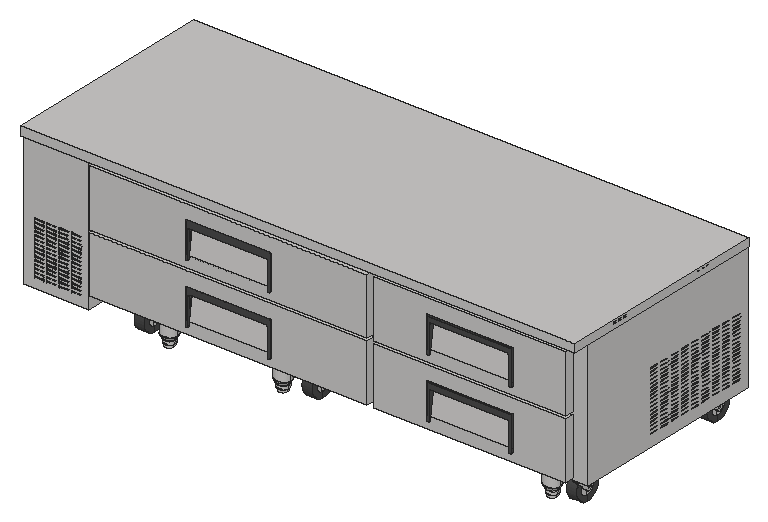
Revit family "QF_EVEREST_ECB82D4", category Specialty Equipment, Revit 2015 (continued)
Forms (mm)
  Extrusion 15, void
    sketch origin (2088.5, 0, 127) x (0, 0, -1) y (0, -1, 0)
      loop
        line (-55.5, 231.5) -> (-55.5, 263.5)
        arc (-55.5, 263.5) -> (-59.5, 267.5) -> (-63.5, 263.5) r 4
        line (-63.5, 263.5) -> (-63.5, 231.5)
      loop
        arc (-63.5, 280) -> (-59.5, 276) -> (-55.5, 280) r 4
        line (-55.5, 280) -> (-55.5, 312)
        arc (-55.5, 312) -> (-59.5, 316) -> (-63.5, 312) r 4
        line (-63.5, 312) -> (-63.5, 280)
      loop
        arc (-63.5, 328.5) -> (-59.5, 324.5) -> (-55.5, 328.5) r 4
        line (-55.5, 328.5) -> (-55.5, 360.5)
        arc (-55.5, 360.5) -> (-59.5, 364.5) -> (-63.5, 360.5) r 4
        line (-63.5, 360.5) -> (-63.5, 328.5)
      loop
        arc (-63.5, 377) -> (-59.5, 373) -> (-55.5, 377) r 4
        line (-55.5, 377) -> (-55.5, 409)
        arc (-55.5, 409) -> (-59.5, 413) -> (-63.5, 409) r 4
        line (-63.5, 409) -> (-63.5, 377)
      loop
        arc (-63.5, 425.5) -> (-59.5, 421.5) -> (-55.5, 425.5) r 4
        line (-55.5, 425.5) -> (-55.5, 457.5)
        arc (-55.5, 457.5) -> (-59.5, 461.5) -> (-63.5, 457.5) r 4
        line (-63.5, 457.5) -> (-63.5, 425.5)
      loop
        arc (-50.5, 37.5) -> (-46.5, 33.5) -> (-42.5, 37.5) r 4
        line (-42.5, 37.5) -> (-42.5, 69.5)
        arc (-42.5, 69.5) -> (-46.5, 73.5) -> (-50.5, 69.5) r 4
        line (-50.5, 69.5) -> (-50.5, 37.5)
      loop
        arc (-50.5, 86) -> (-46.5, 82) -> (-42.5, 86) r 4
        line (-42.5, 86) -> (-42.5, 118)
        arc (-42.5, 118) -> (-46.5, 122) -> (-50.5, 118) r 4
        line (-50.5, 118) -> (-50.5, 86)
      loop
        arc (-50.5, 134.5) -> (-46.5, 130.5) -> (-42.5, 134.5) r 4
        line (-42.5, 134.5) -> (-42.5, 166.5)
        arc (-42.5, 166.5) -> (-46.5, 170.5) -> (-50.5, 166.5) r 4
        line (-50.5, 166.5) -> (-50.5, 134.5)
      loop
        arc (-50.5, 183) -> (-46.5, 179) -> (-42.5, 183) r 4
        line (-42.5, 183) -> (-42.5, 215)
        arc (-42.5, 215) -> (-46.5, 219) -> (-50.5, 215) r 4
        line (-50.5, 215) -> (-50.5, 183)
      loop
        arc (-50.5, 231.5) -> (-46.5, 227.5) -> (-42.5, 231.5) r 4
        line (-42.5, 231.5) -> (-42.5, 263.5)
        arc (-42.5, 263.5) -> (-46.5, 267.5) -> (-50.5, 263.5) r 4
        line (-50.5, 263.5) -> (-50.5, 231.5)
      loop
        arc (-50.5, 280) -> (-46.5, 276) -> (-42.5, 280) r 4
        line (-42.5, 280) -> (-42.5, 312)
        arc (-42.5, 312) -> (-46.5, 316) -> (-50.5, 312) r 4
        line (-50.5, 312) -> (-50.5, 280)
      loop
        arc (-50.5, 328.5) -> (-46.5, 324.5) -> (-42.5, 328.5) r 4
        line (-42.5, 328.5) -> (-42.5, 360.5)
        arc (-42.5, 360.5) -> (-46.5, 364.5) -> (-50.5, 360.5) r 4
        line (-50.5, 360.5) -> (-50.5, 328.5)
      loop
        arc (-50.5, 377) -> (-46.5, 373) -> (-42.5, 377) r 4
        line (-42.5, 377) -> (-42.5, 409)
        arc (-42.5, 409) -> (-46.5, 413) -> (-50.5, 409) r 4
        line (-50.5, 409) -> (-50.5, 377)
      loop
        arc (-50.5, 425.5) -> (-46.5, 421.5) -> (-42.5, 425.5) r 4
        line (-42.5, 425.5) -> (-42.5, 457.5)
        arc (-42.5, 457.5) -> (-46.5, 461.5) -> (-50.5, 457.5) r 4
        line (-50.5, 457.5) -> (-50.5, 425.5)
    from 0 to 3.2
  Revolve 16, solid, material "QF_Metal - Stainless - Polished"
    sketch origin (367.218, -683.661, -2) x (1, 0, 0) y (0, 0, 1)
      loop
        line (89.737, 2) -> (89.737, 129) -> (54.737, 129) -> (54.737, 116) -> (59.237, 116)
        arc (59.237, 116) -> (59.591, 115.854) -> (59.737, 115.5) r 0.5
        line (59.737, 115.5) -> (59.737, 43.32)
        arc (59.737, 43.32) -> (59.94, 41.911) -> (60.531, 40.616) r 5
        line (60.531, 40.616) -> (67.467, 29.828)
        arc (67.467, 29.828) -> (68.413, 27.756) -> (68.737, 25.502) r 8
        line (68.737, 25.502) -> (68.737, 13.852)
        arc (68.737, 13.852) -> (69.03, 13.145) -> (69.737, 12.852) r 1
        line (69.737, 12.852) -> (72.487, 12.852) -> (72.487, 2) -> (89.737, 2)
      axis (89.737, 2) -> (89.737, 129)
    angle from 0 to 360
  Revolve 17, solid, material "QF_Metal - Stainless - Polished"
    sketch origin (796.264, -683.661, -2) x (1, 0, 0) y (0, 0, 1)
      loop
        line (89.737, 2) -> (89.737, 129) -> (54.737, 129) -> (54.737, 116) -> (59.237, 116)
        arc (59.237, 116) -> (59.591, 115.854) -> (59.737, 115.5) r 0.5
        line (59.737, 115.5) -> (59.737, 43.32)
        arc (59.737, 43.32) -> (59.94, 41.911) -> (60.531, 40.616) r 5
        line (60.531, 40.616) -> (67.467, 29.828)
        arc (67.467, 29.828) -> (68.413, 27.756) -> (68.737, 25.502) r 8
        line (68.737, 25.502) -> (68.737, 13.852)
        arc (68.737, 13.852) -> (69.03, 13.145) -> (69.737, 12.852) r 1
        line (69.737, 12.852) -> (72.487, 12.852) -> (72.487, 2) -> (89.737, 2)
      axis (89.737, 2) -> (89.737, 129)
    angle from 0 to 360
  Revolve 18, solid, material "QF_Metal - Stainless - Polished"
    sketch origin (1810.263, -683.661, -2) x (1, 0, 0) y (0, 0, 1)
      loop
        line (89.737, 2) -> (89.737, 129) -> (54.737, 129) -> (54.737, 116) -> (59.237, 116)
        arc (59.237, 116) -> (59.591, 115.854) -> (59.737, 115.5) r 0.5
        line (59.737, 115.5) -> (59.737, 43.32)
        arc (59.737, 43.32) -> (59.94, 41.911) -> (60.531, 40.616) r 5
        line (60.531, 40.616) -> (67.467, 29.828)
        arc (67.467, 29.828) -> (68.413, 27.756) -> (68.737, 25.502) r 8
        line (68.737, 25.502) -> (68.737, 13.852)
        arc (68.737, 13.852) -> (69.03, 13.145) -> (69.737, 12.852) r 1
        line (69.737, 12.852) -> (72.487, 12.852) -> (72.487, 2) -> (89.737, 2)
      axis (89.737, 2) -> (89.737, 129)
    angle from 0 to 360
  Extrusion 19, void
    sketch origin (0, 0, 635) x (0, -1, 0) y (0, 0, 1)
      loop
        line (636.113, -5.886) -> (619.601, -5.886)
        arc (619.601, -5.886) -> (617.537, -7.95) -> (619.601, -10.015) r 2.065
        line (619.601, -10.015) -> (636.113, -10.015)
        arc (636.113, -10.015) -> (638.178, -7.95) -> (636.113, -5.886) r 2.065
      loop
        line (612.716, -5.886) -> (596.204, -5.886)
        arc (596.204, -5.886) -> (594.14, -7.95) -> (596.204, -10.015) r 2.065
        line (596.204, -10.015) -> (612.716, -10.015)
        arc (612.716, -10.015) -> (614.781, -7.95) -> (612.716, -5.886) r 2.065
      loop
        arc (572.808, -5.886) -> (570.743, -7.95) -> (572.808, -10.015) r 2.065
        line (572.808, -10.015) -> (589.319, -10.015)
        arc (589.319, -10.015) -> (591.384, -7.95) -> (589.319, -5.886) r 2.065
        line (589.319, -5.886) -> (572.808, -5.886)
      loop
        arc (636.113, -15.556) -> (638.178, -13.491) -> (636.113, -11.426) r 2.065
        line (636.113, -11.426) -> (619.601, -11.426)
        arc (619.601, -11.426) -> (617.537, -13.491) -> (619.601, -15.556) r 2.065
        line (619.601, -15.556) -> (636.113, -15.556)
      loop
        arc (612.716, -15.556) -> (614.781, -13.491) -> (612.716, -11.426) r 2.065
        line (612.716, -11.426) -> (596.204, -11.426)
        arc (596.204, -11.426) -> (594.14, -13.491) -> (596.204, -15.556) r 2.065
        line (596.204, -15.556) -> (612.716, -15.556)
      loop
        line (572.808, -15.556) -> (589.319, -15.556)
        arc (589.319, -15.556) -> (591.384, -13.491) -> (589.319, -11.426) r 2.065
        line (589.319, -11.426) -> (572.808, -11.426)
        arc (572.808, -11.426) -> (570.743, -13.491) -> (572.808, -15.556) r 2.065
      loop
        line (244.164, -5.886) -> (227.652, -5.886)
        arc (227.652, -5.886) -> (225.587, -7.95) -> (227.652, -10.015) r 2.065
        line (227.652, -10.015) -> (244.164, -10.015)
        arc (244.164, -10.015) -> (246.228, -7.95) -> (244.164, -5.886) r 2.065
      loop
        line (220.767, -5.886) -> (204.255, -5.886)
        arc (204.255, -5.886) -> (202.19, -7.95) -> (204.255, -10.015) r 2.065
        line (204.255, -10.015) -> (220.767, -10.015)
        arc (220.767, -10.015) -> (222.832, -7.95) -> (220.767, -5.886) r 2.065
      loop
        arc (180.858, -5.886) -> (178.794, -7.95) -> (180.858, -10.015) r 2.065
        line (180.858, -10.015) -> (197.37, -10.015)
        arc (197.37, -10.015) -> (199.435, -7.95) -> (197.37, -5.886) r 2.065
        line (197.37, -5.886) -> (180.858, -5.886)
      loop
        arc (244.164, -15.556) -> (246.228, -13.491) -> (244.164, -11.426) r 2.065
        line (244.164, -11.426) -> (227.652, -11.426)
        arc (227.652, -11.426) -> (225.587, -13.491) -> (227.652, -15.556) r 2.065
        line (227.652, -15.556) -> (244.164, -15.556)
      loop
        arc (220.767, -15.556) -> (222.832, -13.491) -> (220.767, -11.426) r 2.065
        line (220.767, -11.426) -> (204.255, -11.426)
        arc (204.255, -11.426) -> (202.19, -13.491) -> (204.255, -15.556) r 2.065
        line (204.255, -15.556) -> (220.767, -15.556)
      loop
        line (180.858, -15.556) -> (197.37, -15.556)
        arc (197.37, -15.556) -> (199.435, -13.491) -> (197.37, -11.426) r 2.065
        line (197.37, -11.426) -> (180.858, -11.426)
        arc (180.858, -11.426) -> (178.794, -13.491) -> (180.858, -15.556) r 2.065
    from 0 to -3.2
  Extrusion 20, void
    sketch origin (2091, 0, 635) x (0, -1, 0) y (0, 0, -1)
      loop
        arc (636.113, 5.886) -> (638.178, 7.95) -> (636.113, 10.015) r 2.065
        line (636.113, 10.015) -> (619.601, 10.015)
        arc (619.601, 10.015) -> (617.537, 7.95) -> (619.601, 5.886) r 2.065
        line (619.601, 5.886) -> (636.113, 5.886)
      loop
        arc (612.716, 5.886) -> (614.781, 7.95) -> (612.716, 10.015) r 2.065
        line (612.716, 10.015) -> (596.204, 10.015)
        arc (596.204, 10.015) -> (594.14, 7.95) -> (596.204, 5.886) r 2.065
        line (596.204, 5.886) -> (612.716, 5.886)
      loop
        line (572.808, 5.886) -> (589.319, 5.886)
        arc (589.319, 5.886) -> (591.384, 7.95) -> (589.319, 10.015) r 2.065
        line (589.319, 10.015) -> (572.808, 10.015)
        arc (572.808, 10.015) -> (570.743, 7.95) -> (572.808, 5.886) r 2.065
      loop
        line (636.113, 15.556) -> (619.601, 15.556)
        arc (619.601, 15.556) -> (617.537, 13.491) -> (619.601, 11.426) r 2.065
        line (619.601, 11.426) -> (636.113, 11.426)
        arc (636.113, 11.426) -> (638.178, 13.491) -> (636.113, 15.556) r 2.065
      loop
        line (612.716, 15.556) -> (596.204, 15.556)
        arc (596.204, 15.556) -> (594.14, 13.491) -> (596.204, 11.426) r 2.065
        line (596.204, 11.426) -> (612.716, 11.426)
        arc (612.716, 11.426) -> (614.781, 13.491) -> (612.716, 15.556) r 2.065
      loop
        arc (572.808, 15.556) -> (570.743, 13.491) -> (572.808, 11.426) r 2.065
        line (572.808, 11.426) -> (589.319, 11.426)
        arc (589.319, 11.426) -> (591.384, 13.491) -> (589.319, 15.556) r 2.065
        line (589.319, 15.556) -> (572.808, 15.556)
      loop
        arc (244.164, 5.886) -> (246.228, 7.95) -> (244.164, 10.015) r 2.065
        line (244.164, 10.015) -> (227.652, 10.015)
        arc (227.652, 10.015) -> (225.587, 7.95) -> (227.652, 5.886) r 2.065
        line (227.652, 5.886) -> (244.164, 5.886)
      loop
        arc (220.767, 5.886) -> (222.832, 7.95) -> (220.767, 10.015) r 2.065
        line (220.767, 10.015) -> (204.255, 10.015)
        arc (204.255, 10.015) -> (202.19, 7.95) -> (204.255, 5.886) r 2.065
        line (204.255, 5.886) -> (220.767, 5.886)
      loop
        line (180.858, 5.886) -> (197.37, 5.886)
        arc (197.37, 5.886) -> (199.435, 7.95) -> (197.37, 10.015) r 2.065
        line (197.37, 10.015) -> (180.858, 10.015)
        arc (180.858, 10.015) -> (178.794, 7.95) -> (180.858, 5.886) r 2.065
      loop
        line (244.164, 15.556) -> (227.652, 15.556)
        arc (227.652, 15.556) -> (225.587, 13.491) -> (227.652, 11.426) r 2.065
        line (227.652, 11.426) -> (244.164, 11.426)
        arc (244.164, 11.426) -> (246.228, 13.491) -> (244.164, 15.556) r 2.065
      loop
        line (220.767, 15.556) -> (204.255, 15.556)
        arc (204.255, 15.556) -> (202.19, 13.491) -> (204.255, 11.426) r 2.065
        line (204.255, 11.426) -> (220.767, 11.426)
        arc (220.767, 11.426) -> (222.832, 13.491) -> (220.767, 15.556) r 2.065
      loop
        arc (180.858, 15.556) -> (178.794, 13.491) -> (180.858, 11.426) r 2.065
        line (180.858, 11.426) -> (197.37, 11.426)
        arc (197.37, 11.426) -> (199.435, 13.491) -> (197.37, 15.556) r 2.065
        line (197.37, 15.556) -> (180.858, 15.556)
    from 0 to -3.2
Cuts and joins
  Extrusion 15 cuts Extrusion 9
  Extrusion 3, Extrusion 14, Extrusion 15 cuts Extrusion 10
  joined: Extrusion 9, Extrusion 10
  Extrusion 5, Extrusion 11 cuts Extrusion 2
  Extrusion 5 cuts Extrusion 4
  Extrusion 5 cuts Extrusion 7
  Extrusion 11 cuts Extrusion 12
  Extrusion 11 cuts Extrusion 13
  Extrusion 19, Extrusion 20 cuts Extrusion 1
Lines and regions (mm)
  Split face 1
    outline origin (249.636, -804, 98.708) x (0, 0, 1) y (-1, 0, 0)
      loop
        line (308.856, 80.055) -> (308.856, 188.102)
        arc (308.856, 188.102) -> (307.098, 192.347) -> (302.852, 194.106) r 6.004
        line (302.852, 194.106) -> (259.828, 194.106)
        arc (259.828, 194.106) -> (255.583, 192.348) -> (253.825, 188.103) r 6.003
        line (253.825, 188.103) -> (253.825, 80.046)
        arc (253.825, 80.046) -> (255.583, 75.803) -> (259.826, 74.046) r 6
        line (259.826, 74.046) -> (302.847, 74.046)
        arc (302.847, 74.046) -> (307.096, 75.806) -> (308.856, 80.055) r 6.009
  Split face 2
    outline origin (0, 0, 635) x (0, 0, -1) y (0, -1, 0)
      loop
        line (21.441, 175.712) -> (21.441, 249.31) -> (1.6, 249.31) -> (1.6, 175.712) -> (21.441, 175.712)
  Split face 3
    outline origin (0, 0, 635) x (0, 0, -1) y (0, -1, 0)
      loop
        line (1.6, 641.259) -> (1.6, 567.661) -> (21.441, 567.661) -> (21.441, 641.259) -> (1.6, 641.259)
  Split face 4
    outline origin (2091, -815, 635) x (0, 0, -1) y (0, 1, 0)
      loop
        line (21.441, 639.288) -> (1.6, 639.288) -> (1.6, 565.69) -> (21.441, 565.69) -> (21.441, 639.288)
  Split face 5
    outline origin (2091, -815, 635) x (0, 0, -1) y (0, 1, 0)
      loop
        line (21.441, 247.339) -> (1.6, 247.339) -> (1.6, 173.741) -> (21.441, 173.741) -> (21.441, 247.339)
  symbolic lines
    curve 1: line (2091, -815, 0) -> (2091, 0, 0)
    curve 2: line (2091, 0, 0) -> (0, 0, 0)
    curve 3: line (0, 0, 0) -> (0, -815, 0)
    curve 4: line (0, -815, 0) -> (2091, -815, 0)
  symbolic lines, style "QF_Door-Drawer Clearances"
    curve 5: line (252, -1371, 0) -> (252, -815, 0)
    curve 6: line (252, -1371, 0) -> (1298, -1371, 0)
    curve 7: line (1298, -1371, 0) -> (1298, -815, 0)
    curve 8: line (1324, -1371, 0) -> (1324, -815, 0)
    curve 9: line (1324, -1371, 0) -> (2045, -1371, 0)
    curve 10: line (2045, -1371, 0) -> (2045, -815, 0)
Dimensions and locks
  equal spacing: plane 3 "LEFT", plane 7 "Center Y", plane 4 "RIGHT"
  "Length": plane 3 "LEFT" to plane 4 "RIGHT"
  equal spacing: plane 5 "FRONT", plane 8 "Center X", plane 1 "BACK"
  "Depth": plane 5 "FRONT" to plane 1 "BACK"
  plane 5 "FRONT" to plane 1 "BACK" = 815 mm
  "Height": plane 6 "TOP" to level
  plane 1 "BACK" to plane 5 "FRONT" = 815 mm
  plane 1 "BACK" to plane 9 = 1371 mm
  plane 4 "RIGHT" to plane 3 "LEFT" = 2091 mm
  plane 6 "TOP" to level = 635 mm
  level to cut or joined group of Extrusion 3, Extrusion 9, Extrusion 10, Extrusion 14, Extrusion 15 to plane 6 "TOP" = 127 mm, 508 mm
  Extrusion 1 to Extrusion 8 sketch curve = 258.496 mm
  equal spacing: Extrusion 1, Extrusion 8 sketch curve, cut or joined group of Extrusion 3, Extrusion 9, Extrusion 10, Extrusion 14, Extrusion 15
  cut or joined group of Extrusion 3, Extrusion 9, Extrusion 10, Extrusion 14, Extrusion 15 to plane 9 = 620 mm
  cut or joined group of Extrusion 11, Extrusion 13 to cut or joined group of Extrusion 11, Extrusion 13 = 1046 mm
  cut or joined group of Extrusion 5, Extrusion 7 to cut or joined group of Extrusion 5, Extrusion 7 = 721 mm
  aligned and locked: level to plane 2
Automatic sketch dimensions
  curve 3 to plane 3 "LEFT" = 0 mm
  plane 9 to curve 5 = 0 mm
  plane 5 "FRONT" to curve 5 = 0 mm
  plane 9 to curve 8 = 0 mm
  plane 1 "BACK" to curve 2 = 0 mm
  curve 2 to plane 4 "RIGHT" = 0 mm
  plane 3 "LEFT" to curve 5 = 252 mm
  plane 7 "Center Y" to curve 7 = 252.5 mm
  curve 6 to curve 8 = 26 mm
  plane 4 "RIGHT" to curve 9 = 46 mm
  plane 1 "BACK" to Extrusion 1 sketch curve = 0 mm
  Extrusion 1 sketch curve to plane 4 "RIGHT" = 0 mm
  Extrusion 1 sketch curve to plane 3 "LEFT" = 0 mm
  plane 5 "FRONT" to Extrusion 1 sketch curve = 0 mm
  plane 3 "LEFT" to Extrusion 2 sketch curve = 252 mm
  Extrusion 2 sketch curve to Extrusion 2 sketch curve = 0 mm  (x3)
  plane 7 "Center Y" to Extrusion 2 sketch curve = 252.5 mm
  Extrusion 2 sketch curve to Extrusion 2 sketch curve = 26 mm  (x2)
  plane 4 "RIGHT" to Extrusion 2 sketch curve = 46 mm  (x2)
  level to Extrusion 2 sketch curve = 145.426 mm  (x2)
  Extrusion 2 sketch curve to Extrusion 2 sketch curve = 215 mm
  Extrusion 2 sketch curve to Extrusion 2 sketch curve = 10 mm  (x2)
  Extrusion 2 sketch curve to plane 6 "TOP" = 49.574 mm  (x2)
  Extrusion 3 sketch curve to Extrusion 3 sketch curve = 0 mm  (x344)
  plane 3 "LEFT" to Extrusion 3 sketch curve = 220.528 mm
  Extrusion 3 sketch curve to Extrusion 3 sketch curve = 32 mm  (x11)
  Extrusion 3 sketch curve to Extrusion 3 sketch curve = 16 mm
  Extrusion 3 sketch curve to Extrusion 3 sketch curve = 14 mm  (x6)
  level to Extrusion 3 sketch curve = 134.5 mm
  Extrusion 3 sketch curve to Extrusion 3 sketch curve = 4 mm  (x60)
  Extrusion 3 sketch curve to Extrusion 3 sketch curve = 6 mm  (x56)
  Extrusion 4 sketch curve to plane 6 "TOP" = 102.574 mm
  Extrusion 4 sketch curve to Extrusion 4 sketch curve = 4 mm  (x2)
  Extrusion 4 sketch curve to Extrusion 4 sketch curve = 115 mm  (x4)
  Extrusion 4 sketch curve to Extrusion 4 sketch curve = 106 mm
  plane 7 "Center Y" to Extrusion 4 sketch curve = 478.5 mm
  Extrusion 4 sketch curve to Extrusion 4 sketch curve = 0 mm  (x2)
  Extrusion 4 sketch curve to Extrusion 4 sketch curve = 2 mm  (x4)
  plane 4 "RIGHT" to Extrusion 4 sketch curve = 248 mm
  Extrusion 5 sketch curve to plane 5 "FRONT" = 11 mm  (x2)
  Extrusion 5 sketch curve to Extrusion 5 sketch curve = 17.864 mm  (x2)
  level to Extrusion 5 sketch curve = 188.426 mm
  Extrusion 5 sketch curve to Extrusion 5 sketch curve = 110.188 mm
  Extrusion 5 sketch curve to Extrusion 5 sketch curve = 4.812 mm  (x2)
  Extrusion 5 sketch curve to Extrusion 5 sketch curve = 110 mm
  Extrusion 5 sketch curve to plane 6 "TOP" = 111.386 mm
  Extrusion 6 sketch curve to plane 6 "TOP" = 63.574 mm  (x2)
  plane 3 "LEFT" to Extrusion 6 sketch curve = 266 mm
  Extrusion 6 sketch curve to Extrusion 6 sketch curve = 0 mm  (x4)
  plane 7 "Center Y" to Extrusion 6 sketch curve = 238.5 mm
  Extrusion 6 sketch curve to Extrusion 6 sketch curve = 54 mm  (x2)
  plane 4 "RIGHT" to Extrusion 6 sketch curve = 60 mm
  Extrusion 6 sketch curve to Extrusion 6 sketch curve = 187 mm
  Extrusion 6 sketch curve to Extrusion 6 sketch curve = 38 mm  (x2)
  level to Extrusion 6 sketch curve = 159.426 mm  (x2)
  Extrusion 7 sketch curve to plane 9 = 0 mm  (x2)
  Extrusion 7 sketch curve to plane 5 "FRONT" = 11 mm  (x2)
  level to Extrusion 7 sketch curve = 145.426 mm
  Extrusion 7 sketch curve to Extrusion 7 sketch curve = 215 mm
  Extrusion 7 sketch curve to Extrusion 7 sketch curve = 10 mm
  Extrusion 7 sketch curve to plane 6 "TOP" = 49.574 mm
  plane 3 "LEFT" to Extrusion 8 sketch curve = 126.319 mm
  Extrusion 8 sketch curve to plane 6 "TOP" = 290.496 mm
  Extrusion 9 sketch curve to plane 6 "TOP" = 32 mm
  plane 3 "LEFT" to Extrusion 9 sketch curve = 249.636 mm
  plane 4 "RIGHT" to Extrusion 9 sketch curve = 2.5 mm
  level to Extrusion 9 sketch curve = 127 mm
  plane 3 "LEFT" to Extrusion 10 sketch curve = 3.002 mm
  Extrusion 10 sketch curve to plane 6 "TOP" = 32 mm
  Extrusion 10 sketch curve to Extrusion 10 sketch curve = 246.634 mm
  level to Extrusion 10 sketch curve = 98.708 mm
  Extrusion 11 sketch curve to plane 5 "FRONT" = 11 mm  (x2)
  Extrusion 11 sketch curve to Extrusion 11 sketch curve = 17.864 mm  (x2)
  level to Extrusion 11 sketch curve = 188.426 mm
  Extrusion 11 sketch curve to Extrusion 11 sketch curve = 110.188 mm
  Extrusion 11 sketch curve to Extrusion 11 sketch curve = 4.812 mm  (x2)
  Extrusion 11 sketch curve to Extrusion 11 sketch curve = 110 mm
  Extrusion 11 sketch curve to plane 6 "TOP" = 111.386 mm
  Extrusion 12 sketch curve to plane 6 "TOP" = 102.574 mm  (x2)
  Extrusion 12 sketch curve to Extrusion 12 sketch curve = 5 mm  (x17)
  Extrusion 12 sketch curve to Extrusion 12 sketch curve = 20 mm  (x4)
  Extrusion 12 sketch curve to Extrusion 12 sketch curve = 101.5 mm  (x8)
  Extrusion 12 sketch curve to Extrusion 12 sketch curve = 0 mm  (x9)
  Extrusion 12 sketch curve to Extrusion 12 sketch curve = 3.5 mm  (x9)
  Extrusion 12 sketch curve to Extrusion 12 sketch curve = 90 mm  (x2)
  Extrusion 12 sketch curve to plane 7 "Center Y" = 431 mm
  Extrusion 12 sketch curve to Extrusion 12 sketch curve = 4 mm  (x4)
  Extrusion 12 sketch curve to plane 7 "Center Y" = 126 mm
  Extrusion 12 sketch curve to Extrusion 12 sketch curve = 8.5 mm
  Extrusion 12 sketch curve to Extrusion 12 sketch curve = 11 mm  (x4)
  plane 7 "Center Y" to Extrusion 12 sketch curve = 478.5 mm
  plane 4 "RIGHT" to Extrusion 12 sketch curve = 262 mm
  Extrusion 13 sketch curve to plane 9 = 0 mm  (x2)
  Extrusion 13 sketch curve to plane 5 "FRONT" = 11 mm  (x2)
  level to Extrusion 13 sketch curve = 145.426 mm
  Extrusion 13 sketch curve to Extrusion 13 sketch curve = 215 mm
  Extrusion 13 sketch curve to Extrusion 13 sketch curve = 10 mm
  Extrusion 13 sketch curve to plane 6 "TOP" = 49.574 mm
  Extrusion 10 to Extrusion 14 sketch curve = 37.5 mm  (x2)
  Extrusion 10 to Extrusion 14 sketch curve = 204.5 mm  (x2)
  Extrusion 14 sketch curve to Extrusion 14 sketch curve = 0 mm  (x252)
  Extrusion 14 sketch curve to Extrusion 14 sketch curve = 4 mm  (x162)
  Extrusion 14 sketch curve to Extrusion 14 sketch curve = 5 mm  (x153)
  Extrusion 14 sketch curve to Extrusion 14 sketch curve = 32 mm  (x28)
  Extrusion 14 sketch curve to Extrusion 14 sketch curve = 16.5 mm  (x49)
  cut or joined group of Extrusion 3, Extrusion 9, Extrusion 10, Extrusion 14, Extrusion 15 to Split face 1 sketch curve = 14.033 mm
  Split face 1 sketch curve to Split face 1 sketch curve = 6 mm
  Split face 1 sketch curve to Split face 1 sketch curve = 0 mm  (x4)
  Split face 1 sketch curve to Split face 1 sketch curve = 6.003 mm
  Split face 1 sketch curve to Split face 1 sketch curve = 43.021 mm
  Split face 1 sketch curve to Split face 1 sketch curve = 43.024 mm
  Split face 1 sketch curve to Split face 1 sketch curve = 6.009 mm
  Split face 1 sketch curve to cut or joined group of Extrusion 3, Extrusion 9, Extrusion 10, Extrusion 14, Extrusion 15 = 74.046 mm
  Split face 1 sketch curve to cut or joined group of Extrusion 3, Extrusion 9, Extrusion 10, Extrusion 14, Extrusion 15 = 58.533 mm
  Extrusion 15 sketch curve to Extrusion 9 = 37.5 mm  (x2)
  Extrusion 9 to Extrusion 15 sketch curve = 204.5 mm  (x2)
  Extrusion 15 sketch curve to Extrusion 15 sketch curve = 0 mm  (x252)
  Extrusion 15 sketch curve to Extrusion 15 sketch curve = 4 mm  (x162)
  Extrusion 15 sketch curve to Extrusion 15 sketch curve = 5 mm  (x153)
  Extrusion 15 sketch curve to Extrusion 15 sketch curve = 32 mm  (x28)
  Extrusion 15 sketch curve to Extrusion 15 sketch curve = 16.5 mm  (x49)
  Revolve 16 sketch curve to level = 0 mm  (x2)
  level to Revolve 16 sketch curve = 127 mm
  plane 3 "LEFT" to Revolve 16 sketch curve = 421.955 mm
  Revolve 16 sketch curve to Revolve 16 sketch curve = 4.5 mm
  Revolve 16 sketch curve to Revolve 16 sketch curve = 0.5 mm
  level to Revolve 16 sketch curve = 38.616 mm
  Revolve 16 sketch curve to Revolve 16 sketch curve = 0.794 mm
  Revolve 16 sketch curve to Revolve 16 sketch curve = 0.206 mm
  Revolve 16 sketch curve to Revolve 16 sketch curve = 5 mm
  level to Revolve 16 sketch curve = 27.828 mm
  Revolve 16 sketch curve to Revolve 16 sketch curve = 6.729 mm
  Revolve 16 sketch curve to Revolve 16 sketch curve = 1.271 mm
  Revolve 16 sketch curve to Revolve 16 sketch curve = 1 mm
  Revolve 16 sketch curve to Revolve 16 sketch curve = 2.75 mm
  Revolve 16 sketch curve to Revolve 16 sketch curve = 17.25 mm
  Revolve 16 sketch curve to Revolve 16 sketch curve = 10.852 mm
  Revolve 16 sketch curve to Revolve 16 sketch curve = 13.5 mm
  Revolve 16 sketch curve to Revolve 16 sketch curve = 0 mm
  Revolve 16 sketch curve to Revolve 16 sketch curve = 12 mm
  Revolve 17 sketch curve to level = 0 mm  (x2)
  Revolve 17 sketch curve to plane 7 "Center Y" = 194.498 mm
  Revolve 17 sketch curve to Revolve 17 sketch curve = 4.5 mm
  Revolve 17 sketch curve to Revolve 17 sketch curve = 0.5 mm
  level to Revolve 17 sketch curve = 38.616 mm
  Revolve 17 sketch curve to Revolve 17 sketch curve = 0.794 mm
  Revolve 17 sketch curve to Revolve 17 sketch curve = 0.206 mm
  Revolve 17 sketch curve to Revolve 17 sketch curve = 5 mm
  level to Revolve 17 sketch curve = 27.828 mm
  Revolve 17 sketch curve to Revolve 17 sketch curve = 6.729 mm
  Revolve 17 sketch curve to Revolve 17 sketch curve = 1.271 mm
  Revolve 17 sketch curve to Revolve 17 sketch curve = 1 mm
  Revolve 17 sketch curve to Revolve 17 sketch curve = 2.75 mm
  Revolve 17 sketch curve to Revolve 17 sketch curve = 17.25 mm
  Revolve 17 sketch curve to Revolve 17 sketch curve = 10.852 mm
  Revolve 17 sketch curve to Revolve 17 sketch curve = 72.18 mm
  Revolve 17 sketch curve to Revolve 17 sketch curve = 13.5 mm
  Revolve 17 sketch curve to Revolve 17 sketch curve = 0 mm
  Revolve 17 sketch curve to Revolve 17 sketch curve = 12 mm
  Revolve 18 sketch curve to level = 0 mm  (x2)
  plane 4 "RIGHT" to Revolve 18 sketch curve = 226 mm
  Revolve 18 sketch curve to Revolve 18 sketch curve = 4.5 mm
  Revolve 18 sketch curve to Revolve 18 sketch curve = 0.5 mm
  level to Revolve 18 sketch curve = 38.616 mm
  Revolve 18 sketch curve to Revolve 18 sketch curve = 0.794 mm
  Revolve 18 sketch curve to Revolve 18 sketch curve = 0.206 mm
  Revolve 18 sketch curve to Revolve 18 sketch curve = 5 mm
  level to Revolve 18 sketch curve = 27.828 mm
  Revolve 18 sketch curve to Revolve 18 sketch curve = 6.729 mm
  Revolve 18 sketch curve to Revolve 18 sketch curve = 1.271 mm
  Revolve 18 sketch curve to Revolve 18 sketch curve = 1 mm
  Revolve 18 sketch curve to Revolve 18 sketch curve = 2.75 mm
  Revolve 18 sketch curve to Revolve 18 sketch curve = 17.25 mm
  Revolve 18 sketch curve to Revolve 18 sketch curve = 10.852 mm
  Revolve 18 sketch curve to Revolve 18 sketch curve = 72.18 mm
  Revolve 18 sketch curve to Revolve 18 sketch curve = 13.5 mm
  Revolve 18 sketch curve to Revolve 18 sketch curve = 0 mm
  Revolve 18 sketch curve to Revolve 18 sketch curve = 12 mm
  Extrusion 19 sketch curve to plane 6 "TOP" = 11.426 mm  (x4)
  plane 1 "BACK" to Extrusion 19 sketch curve = 180.858 mm
  Extrusion 19 sketch curve to Extrusion 19 sketch curve = 0 mm  (x13)
  Extrusion 19 sketch curve to Extrusion 19 sketch curve = 16.512 mm  (x6)
  Extrusion 19 sketch curve to Extrusion 19 sketch curve = 6.885 mm  (x4)
  Extrusion 19 sketch curve to plane 8 "Center X" = 165.308 mm
  Extrusion 19 sketch curve to plane 6 "TOP" = 5.886 mm
  Extrusion 19 sketch curve to Extrusion 19 sketch curve = 2.065 mm  (x12)
  Extrusion 19 sketch curve to Extrusion 19 sketch curve = 1.411 mm  (x6)
  Extrusion 20 sketch curve to plane 6 "TOP" = 11.426 mm  (x2)
  plane 1 "BACK" to Extrusion 20 sketch curve = 180.858 mm
  Extrusion 20 sketch curve to Extrusion 20 sketch curve = 0 mm  (x12)
  Extrusion 20 sketch curve to Extrusion 20 sketch curve = 16.512 mm  (x6)
  Extrusion 20 sketch curve to Extrusion 20 sketch curve = 6.885 mm  (x4)
  Extrusion 20 sketch curve to plane 8 "Center X" = 165.308 mm
  Extrusion 20 sketch curve to plane 6 "TOP" = 5.886 mm  (x4)
  Extrusion 20 sketch curve to Extrusion 20 sketch curve = 5.54 mm  (x2)
  Extrusion 20 sketch curve to Extrusion 20 sketch curve = 2.065 mm  (x12)
  Extrusion 20 sketch curve to Extrusion 20 sketch curve = 1.411 mm  (x4)
  Split face 2 sketch curve to cut or joined group of Extrusion 1, Extrusion 19, Extrusion 20 = 1.6 mm
  cut or joined group of Extrusion 1, Extrusion 19, Extrusion 20 to Split face 2 sketch curve = 5.886 mm
  Split face 2 sketch curve to cut or joined group of Extrusion 1, Extrusion 19, Extrusion 20 = 175.712 mm
  Split face 2 sketch curve to Split face 2 sketch curve = 73.598 mm
  Split face 3 sketch curve to cut or joined group of Extrusion 1, Extrusion 19, Extrusion 20 = 1.6 mm
  cut or joined group of Extrusion 1, Extrusion 19, Extrusion 20 to Split face 3 sketch curve = 5.886 mm
  Split face 3 sketch curve to cut or joined group of Extrusion 1, Extrusion 19, Extrusion 20 = 567.661 mm
  Split face 3 sketch curve to Split face 3 sketch curve = 73.598 mm
  Split face 4 sketch curve to cut or joined group of Extrusion 1, Extrusion 19, Extrusion 20 = 1.6 mm
  cut or joined group of Extrusion 1, Extrusion 19, Extrusion 20 to Split face 4 sketch curve = 5.886 mm
  Split face 4 sketch curve to cut or joined group of Extrusion 1, Extrusion 19, Extrusion 20 = 249.31 mm
  Split face 4 sketch curve to Split face 4 sketch curve = 73.598 mm
  Split face 5 sketch curve to cut or joined group of Extrusion 1, Extrusion 19, Extrusion 20 = 1.6 mm
  cut or joined group of Extrusion 1, Extrusion 19, Extrusion 20 to Split face 5 sketch curve = 5.886 mm
  Split face 5 sketch curve to cut or joined group of Extrusion 1, Extrusion 19, Extrusion 20 = 173.741 mm
  Split face 5 sketch curve to Split face 5 sketch curve = 73.598 mm
  radius of Extrusion 8 sketch curve = 6.35 mm
Nested families
  nested 1: "TUC_5 INCHES_CASTER" at (988.002, -68.339, 0), type "TUC_5 INCHES_CASTER"
    with Type Mark "", Specification by User "", Show 5 Inches Caster yes, Revision Code "", Item Number "", Installed By "", Identify Quantity as Lot yes, Furnished By "", Foodservice Equipment Identifier yes
  nested 2: "TUC_5 INCHES_CASTER" at (1984, -68.339, 0), type "TUC_5 INCHES_CASTER"
    with Type Mark "", Specification by User "", Show 5 Inches Caster yes, Revision Code "", Item Number "", Installed By "", Identify Quantity as Lot yes, Furnished By "", Foodservice Equipment Identifier yes
  nested 3: "TUC_5 INCHES_CASTER" at (988.002, -683.661, 0), type "TUC_5 INCHES_CASTER"
    with Type Mark "", Specification by User "", Show 5 Inches Caster yes, Revision Code "", Item Number "", Installed By "", Identify Quantity as Lot yes, Furnished By "", Foodservice Equipment Identifier yes
  nested 4: "TUC_5 INCHES_CASTER" at (1984, -683.661, 0), type "TUC_5 INCHES_CASTER"
    with Type Mark "", Specification by User "", Show 5 Inches Caster yes, Revision Code "", Item Number "", Installed By "", Identify Quantity as Lot yes, Furnished By "", Foodservice Equipment Identifier yes
  nested 5: "TUC_5 INCHES_CASTER" at (355.53, -68.339, 0), type "TUC_5 INCHES_CASTER"
    with Type Mark "", Specification by User "", Show 5 Inches Caster yes, Revision Code "", Item Number "", Installed By "", Identify Quantity as Lot yes, Furnished By "", Foodservice Equipment Identifier yes
  nested 6: "TUC_5 INCHES_CASTER" at (355.53, -683.661, 0), type "TUC_5 INCHES_CASTER"
    with Type Mark "", Specification by User "", Show 5 Inches Caster yes, Revision Code "", Item Number "", Installed By "", Identify Quantity as Lot yes, Furnished By "", Foodservice Equipment Identifier yes
Connectors
  electrical at (126.319, 3.2, 344.504), driven by "Volts", driven by "Watts"
    settings: on Extrusion 8, index 1, voltage 115 V, apparent load 287.5 VA, apparent load phase1 0 VA, apparent load phase2 0 VA, apparent load phase3 0 VA, power factor 1, load classification "Other", number of poles 1, system type 30, power factor state 1, is connector primary yes, connector utility no, sub classification motor no, connector description "ELECTRICAL CONNECTION"
Definition of nested family "TUC_5 INCHES_CASTER"
  Parameters (values of type "TUC_5 INCHES_CASTER")
    Weight = ""
    URL Manufacturer = ""
    URL Cutsheet = ""
    URL = ""
    Type Mark [instance] = ""
    Specification by User [instance] = ""
    Specification by Manufacturer = ""
    Show 5 Inches Caster [instance] = yes
    Serial Number = ""
    Seismic Rating = ""
    SMACNA No = ""
    Revision Code [instance] = ""
    Omniclass Number and Title = ""
    NAFEM Spec ID Number = ""
    Model = ""
    MasterSpec. = ""
    Manufacturer = ""
    Item Number [instance] = ""
    Installed By [instance] = ""
    Identify Quantity as Lot [instance] = yes
    Furnished By [instance] = ""
    Foodservice Equipment Identifier [instance] = yes
    Description = ""
    CSI MasterFormat = ""
    CSI Master Format = ""
    Assembly Code = ""
  Reference planes
    plane 1: z = 0
    plane 2 "RIGHT": x = 0
    plane 3 "FRONT": y = 0
    plane 4 "TOP": z = 136.398
    plane 5: y = 57.15
    plane 6: y = -57.15
    plane 7: y = 67.115
  Forms (mm)
    Revolve 1, solid, visible <- "Show 5 Inches Caster"
      sketch origin (-46.04, 35.966, -25.504) x (1, 0, 0) y (0, 0, 1)
        loop
          line (21.901, 76.304) -> (21.901, 74.386) -> (23.171, 73.116) -> (24.695, 73.116) -> (24.695, 70.067) -> (30.739, 70.067) -> (30.739, 44.951) -> (26.99, 44.951) -> (26.99, 25.504) -> (65.09, 25.504) -> (65.09, 44.951) -> (61.342, 44.951) -> (61.342, 70.067) -> (67.386, 70.067) -> (67.386, 73.116) -> (70.615, 73.116) -> (71.885, 74.386) -> (71.885, 76.304) -> (21.901, 76.304)
        axis (21.901, 76.304) -> (71.885, 76.304)
      angle from 0 to 360
    Revolve 2, solid, visible <- "Show 5 Inches Caster"
      sketch origin (0, 58.764, -34.543) x (0, 1, 0) y (0, 0, 1)
        loop
          line (-58.764, 158.368) -> (-58.764, 151.825) -> (-28.649, 151.825) -> (-28.649, 158.368) -> (-58.764, 158.368)
        axis (-58.764, 151.825) -> (-58.764, 158.368)
      angle from 0 to 360
    Extrusion 3, solid, visible <- "Show 5 Inches Caster"
      sketch origin (-50.97, 62.114, -16.453) x (0, 1, 0) y (0, 0, 1)
        loop
          line (-92.23, 133.735) -> (-95.83, 127.98) -> (-95.83, 126.812) -> (-28.885, 126.812) -> (-31.999, 133.735) -> (-92.23, 133.735)
      from 30.329 to 71.611
    Extrusion 4, solid, visible <- "Show 5 Inches Caster"
      sketch origin (50.97, 62.114, -19.154) x (0, 1, 0) y (0, 0, -1)
        loop
          line (-28.885, -129.513) -> (-14.54, -129.513) -> (-14.54, -65.89)
          arc (-14.54, -65.89) -> (-21.108, -55.996) -> (-32.776, -58.206) r 10.737
          line (-32.776, -58.206) -> (-95.83, -119.739) -> (-95.83, -130.682) -> (-92.23, -136.437) -> (-31.999, -136.437) -> (-28.885, -129.513)
      from 71.611 to 73.87
    Extrusion 5, solid, visible <- "Show 5 Inches Caster"
      sketch origin (0, 0, 0) x (1, 0, 0) y (0, 1, 0)
        loop
          arc (-22.265, 67.115) -> (-27.808, 64.82) -> (-30.104, 59.277) r 7.838
          line (-30.104, 59.277) -> (-30.104, -38.183)
          arc (-30.104, -38.183) -> (-27.808, -43.726) -> (-22.265, -46.022) r 7.838
          line (-22.265, -46.022) -> (22.23, -46.022)
          arc (22.23, -46.022) -> (27.801, -43.714) -> (30.108, -38.143) r 7.878
          line (30.108, -38.143) -> (30.108, 59.237)
          arc (30.108, 59.237) -> (27.801, 64.808) -> (22.23, 67.115) r 7.878
          line (22.23, 67.115) -> (-22.265, 67.115)
      from 127.106 to 123.825
    Extrusion 6, solid, visible <- "Show 5 Inches Caster"
      sketch origin (-50.97, 62.114, -19.154) x (0, 1, 0) y (0, 0, 1)
        loop
          line (-28.885, 129.513) -> (-31.999, 136.437) -> (-92.23, 136.437) -> (-95.83, 130.682) -> (-95.83, 119.739) -> (-32.776, 58.206)
          arc (-32.776, 58.206) -> (-21.108, 55.996) -> (-14.54, 65.89) r 10.737
          line (-14.54, 65.89) -> (-14.54, 129.513) -> (-28.885, 129.513)
      from 71.611 to 73.87
    Extrusion 7, solid, visible <- "Show 5 Inches Caster"
      sketch origin (-22.9, 62.114, -19.154) x (0, 1, 0) y (0, 0, -1)
        loop
          line (-14.54, -131.841) -> (-14.54, -129.513) -> (-28.885, -129.513) -> (-29.932, -131.841) -> (-14.54, -131.841)
      from 0 to -45.799
  Cuts and joins
    joined: Revolve 2, Extrusion 3, Extrusion 4, Extrusion 6, Extrusion 7
  Lines and regions (mm)
    symbolic lines, visible <- "Show 5 Inches Caster"
      curve 1: line (13.783, 56.222, 0) -> (38.186, 42.133, 0)
      curve 2: line (-37.017, -31.766, 0) -> (-21.142, -4.269, 0)
      curve 3: line (-12.614, -45.855, 0) -> (-37.017, -31.766, 0)
      curve 4: line (38.186, 42.133, 0) -> (22.311, 14.637, 0)
      curve 5: line (-2.092, 28.726, 0) -> (13.783, 56.222, 0)
      curve 6: line (3.261, -18.359, 0) -> (-12.614, -45.855, 0)
  Dimensions and locks
    plane 4 "TOP" to level = 136.398 mm  (x2)
    Extrusion 5 to level = 127.106 mm
    aligned and locked: level to plane 1
